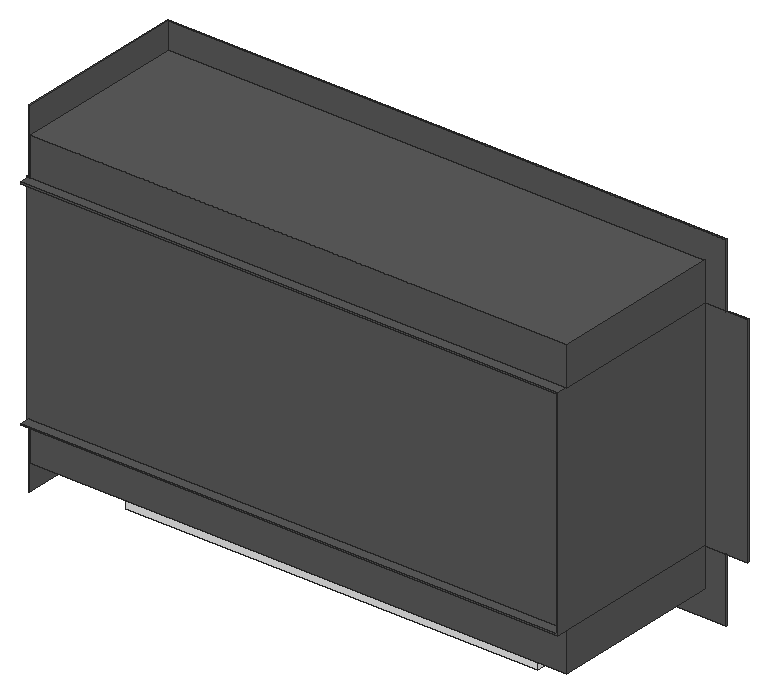
Revit family "1PLANIKA_FLA3_CASING_FORMA_RIGHT-CORNER", category Attrezzatura meccanica, host Muro, Revit 2017
Family settings
  Host = Muro
  Quota connettore circolare = Usa diametro
  Tipo di parte = Normale
  Sempre verticale = Sì
  Taglio con vuoti quando caricato = No
  Condiviso = No
  Punto di calcolo locali = Sì
Parameters (values of type "FLA3_FORMA_1200_RIGHT-CORNER")
  URL = "https://www.planikafires.com"
  TECHNICAL SHEET = "https://www.planikausa.com/indoor-ethanol-fireplaces/two-sided/"
  PRODUCT SHEET = "https://www.archiproducts.com/en/products/planika/bioethanol-fireplace-insert-fla-3-in-casing-forma_431075"
  POWER SUPPLY = 230 V
  NET WEIGHT = 80.70 kg
  Modello = "FLA3 in FORMA RIGHT-CORNER"
  Produttore = "PLANIKA"
  MINIMUM ROOM CUBATURE = 81 m³
  MAXIMUM HEAT OUTPUT = 8.1 kWh
  MAXIMUM BURN TIME = "10 hours"
  MATERIAL DESCRIPTION = "Steel, galvanized steel, toughened glass."
  LENGTH = 1320 mm
  HEIGHT = 710 mm
  FUEL TYPE = "Bioethanol 86 - 96,6%"
  FUEL TANK CAPACITY = 5.5 L
  FORMA LENGTH = 1260 mm
  FLAME HEIGHT REGULATION = "6 stages"
  FLA 3 LENGTH = 990 mm
  FINISHING MATERIAL = Black painted steel -  Planika
  ENVIRONMENTAL PERFORMANCE = "Maximum heat output: 8.1 kWh"
  Descrizione = "Planika’s FORMA fireboxes are truly designed with the user in mind, making them a perfect focal point in any setting, residential or commercial alike. The transparent glass on the left corner enables the flame to be viewed from the front and the left corner, maximising the undisturbed view of the flickering flames. Now, thanks to the zero clearance and self-contained construction, you can frame your fireplace into wood or metal studs."
  DEPTH = 450 mm
  CASING FINISH = Black powder coated steel - Planika
  BIM USER MANUAL = "https://img.edilportale.com/bim/Planika-manual-Planika-bim.pdf"
  BIM BADGE = "https://bim.archiproducts.com/en/badge/bim-archiproducts-featured_658700/about"
  BIM AUTHOR = "https://bim.archiproducts.com"
  APPLICATION = "For indoor use only"
  AIR CHANGE RATE = "1 space volume per hour"
Types (6, lengths in mm): name | NET WEIGHT | MINIMUM ROOM CUBATURE | MAXIMUM HEAT OUTPUT | LENGTH | FUEL TANK CAPACITY | FORMA LENGTH | FLA 3 LENGTH | ENVIRONMENTAL PERFORMANCE
  FLA3_FORMA_1200_RIGHT-CORNER | 80.70 kg | 81 m³ | 8.1 kWh | 1320 | 5.5 L | 1260 | 990 | "Maximum heat output: 8.1 kWh"
  FLA3_FORMA_1000_RIGHT-CORNER | 67.70 kg | 69 m³ | 6.9 kWh | 1120 | 4.5 L | 1057 | 790 | "Maximum heat output: 6.9 kWh"
  FLA3_FORMA_1500_RIGHT-CORNER | 97.60 kg | 113 m³ | 11.2 kWh | 1630 | 8.3 L | 1565 | 1190 | "Maximum heat output: 11.2 kWh"
  FLA3_FORMA_1800_RIGHT-CORNER | 114.90 kg | 150 m³ | 15 kWh | 1930 | 10.0 L | 1870 | 1490 | "Maximum heat output: 15 kWh"
  FLA3_FORMA_2300_RIGHT-CORNER | 159.80 kg | 212 m³ | 21.2 kWh | 2440 | 12.5 L | 2378 | 1990 | "Maximum heat output: 21.2 kWh"
  FLA3_FORMA_2700_RIGHT-CORNER | 233.40 kg | 275 m³ | 27.5 kWh | 2800 | 15.0 L | 2733 | 2490 | "Maximum heat output: 27.5 kWh"
Reference planes
  plane 1 "Wall": y = 0
  plane 2 "Center (Left/Right)": x = 125
  plane 3 "Back": y = 254
  plane 4: x = 755
  plane 5: x = -505
Forms (mm)
  Extrusion 1, void
    sketch origin (125, 0, 0) x (0, 1, 0) y (0, 0, 1)
      loop
        line (-202, 1898.739) -> (-202, 1390.739) -> (254, 1390.739) -> (254, 1898.739) -> (-202, 1898.739)
    from -630 to 630
Text (mm)
  text "Placement Side" at (-1848.837, 1116.779, 0), in view "Ref. Level"
  text "Placement side" at (0, 1409.804, 2854.306), in view "Left"
  text "Placement side" at (0, 499.811, 2980.732), in view "Right"
Dimensions and locks
  locked: plane 3 "Back" to host wall
  equal spacing: plane 4, plane 2 "Center (Left/Right)", plane 5
  "FORMA LENGTH": plane 4 to plane 5
  locked: nested 1 to plane 3 "Back" at 228.2
  aligned and locked: plane 1 "Wall" to host wall
  aligned and locked: nested 1 to plane 2 "Center (Left/Right)"
  aligned and locked: Extrusion 1 sketch curve to host wall
  aligned and locked: Extrusion 1 to plane 5
  aligned and locked: plane 4 to Extrusion 1
Automatic sketch dimensions
  Extrusion 1 sketch curve to host wall = 52 mm
  level to Extrusion 1 sketch curve = 1390.739 mm
  Extrusion 1 sketch curve to Extrusion 1 sketch curve = 508 mm
Nested families
  nested 1: "FLA_3" at (125, 25.8, 1210.739) x (-1, 0, 0) z (0, 0, 1), Length <- "FLA 3 LENGTH", Material <- "FINISHING MATERIAL", type "FLA_3"
    with Material Black painted steel -  Planika, Length 990 mm
  nested 2: "CASING_FORMA" at (125, 204, 1644.739) x (1, 0, 0) z (0, 1, 0), Length <- "FORMA LENGTH", MATERIAL <- "CASING FINISH", type "CASING_FORMA"
    with MATERIAL Black powder coated steel - Planika, Length 1260 mm
Connectors
  electrical at (220.704, 2.769, 1210.739), driven by "POWER SUPPLY"
    settings: on nested 1, index 1, voltage 230 V, apparent load 0 VA, apparent load phase1 0 VA, apparent load phase2 0 VA, apparent load phase3 0 VA, power factor 1, load classification "Power", number of poles 1, system type 31, power factor state 1, is connector primary yes, connector utility no, sub classification motor no, connector description ""
Definition of nested family "FLA_3"
  Parameters (values of type "FLA_3")
    URL = ""
    Model = ""
    Manufacturer = ""
    Material [instance] = none
    Length [instance] = 990 mm
    Description = ""
    Default Elevation = 1219.2 mm
  Reference planes
    plane 1 "Center (Front/Back)": y = 0
    plane 2: z = 0
    plane 3 "Center (Left/Right)": x = 0
    plane 4: x = -495
    plane 5: x = 495
    plane 6: x = -400
    plane 7: x = 400
    plane 8: x = -447.5
    plane 9: x = 447.5
    plane 10 "Level 1": z = 0
    plane 11: z = 235.862
  Forms (mm)
    Extrusion 1, solid, material <- "Material", detail levels fine
      sketch origin (0, 0, 0) x (0, 1, 0) y (-1, 0, 0)
        loop
          line (-139.982, 495) -> (-139.982, -495) -> (139.98, -495) -> (139.98, 495) -> (-139.982, 495)
        loop
          line (-19.978, 400) -> (-19.978, -400) -> (23.031, -400) -> (23.031, 400) -> (-19.978, 400)
        loop
          line (-72.434, 475) -> (-101.434, 475) -> (-101.434, 470) -> (-72.434, 470) -> (-72.434, 475)
        loop
          line (-72.434, 468) -> (-101.434, 468) -> (-101.434, 463) -> (-72.434, 463) -> (-72.434, 468)
        loop
          line (-41.457, 475) -> (-70.457, 475) -> (-70.457, 470) -> (-41.457, 470) -> (-41.457, 475)
        loop
          line (-41.457, 468) -> (-70.457, 468) -> (-70.457, 463) -> (-41.457, 463) -> (-41.457, 468)
        loop
          line (-70.457, -475) -> (-41.457, -475) -> (-41.457, -470) -> (-70.457, -470) -> (-70.457, -475)
        loop
          line (-70.457, -468) -> (-41.457, -468) -> (-41.457, -463) -> (-70.457, -463) -> (-70.457, -468)
        loop
          line (-101.434, -475) -> (-72.434, -475) -> (-72.434, -470) -> (-101.434, -470) -> (-101.434, -475)
        loop
          line (-101.434, -468) -> (-72.434, -468) -> (-72.434, -463) -> (-101.434, -463) -> (-101.434, -468)
      from 180 to 183
    Extrusion 2, solid, detail levels fine
      sketch origin (0, 0, 0) x (0, 1, 0) y (-1, 0, 0)
        loop
          line (125.097, -480) -> (125.097, 480) -> (-125.1, 480) -> (-125.1, -480) -> (125.097, -480)
        loop
          line (-122.1, -477) -> (122.097, -477) -> (122.097, 477) -> (-122.1, 477) -> (-122.1, -477)
      from 0 to 180
    Extrusion 3, solid, detail levels fine
      sketch origin (-500, 1995.821, 1200) x (0, 1, 0) y (0, 0, 1)
        loop
          arc (-1972.79, -1017) -> (-1977.026, -1018.755) -> (-1978.781, -1022.99) r 5.99
          line (-1978.781, -1022.99) -> (-1978.781, -1040.489) -> (-1976.085, -1040.489) -> (-1976.085, -1022.99)
          arc (-1976.085, -1022.99) -> (-1975.12, -1020.661) -> (-1972.79, -1019.696) r 3.294
          line (-1972.79, -1019.696) -> (-1972.79, -1017)
        loop
          line (-2015.801, -1017) -> (-2015.801, -1019.696)
          arc (-2015.801, -1019.696) -> (-2013.472, -1020.661) -> (-2012.507, -1022.99) r 3.294
          line (-2012.507, -1022.99) -> (-2012.507, -1040.489) -> (-2009.81, -1040.489) -> (-2009.81, -1022.99)
          arc (-2009.81, -1022.99) -> (-2011.565, -1018.755) -> (-2015.801, -1017) r 5.99
      from 100 to 900
    Extrusion 4, solid, detail levels fine
      sketch origin (0, 0, 0) x (0, 1, 0) y (-1, 0, 0)
        loop
          line (122.097, 477) -> (-122.1, 477) -> (-122.1, -477) -> (122.097, -477) -> (122.097, 477)
      from 0 to 3
    Extrusion 5, solid, detail levels fine
      sketch origin (0, 0, 0) x (0, 1, 0) y (-1, 0, 0)
        loop
          circle (-36.96, 0) r 7.5
      from 183 to 202
    Extrusion 6, solid, detail levels fine
      sketch origin (0, 0, 0) x (0, 1, 0) y (-1, 0, 0)
        loop
          circle (-36.96, -250) r 7.5
      from 183 to 202
    Extrusion 7, solid, detail levels fine
      sketch origin (0, 0, 0) x (0, 1, 0) y (-1, 0, 0)
        loop
          circle (-36.96, 250) r 7.5
      from 183 to 202
    Extrusion 8, solid, detail levels fine
      sketch origin (-447.5, 1995.821, 1200) x (0, 1, 0) y (0, 0, 1)
        loop
          line (-2030.396, -964.138) -> (-2035.196, -964.138)
          arc (-2035.196, -964.138) -> (-2035.55, -964.284) -> (-2035.696, -964.638) r 0.5
          line (-2035.696, -964.638) -> (-2035.696, -1013.638)
          arc (-2035.696, -1013.638) -> (-2035.55, -1013.991) -> (-2035.196, -1014.138) r 0.5
          line (-2035.196, -1014.138) -> (-2030.396, -1014.138)
          arc (-2030.396, -1014.138) -> (-2030.043, -1013.991) -> (-2029.896, -1013.638) r 0.5
          line (-2029.896, -1013.638) -> (-2029.896, -964.638)
          arc (-2029.896, -964.638) -> (-2030.043, -964.284) -> (-2030.396, -964.138) r 0.5
      from 0 to 895
    Extrusion 9, solid, detail levels medium
      sketch origin (0, 0, 0) x (0, 1, 0) y (-1, 0, 0)
        loop
          line (-139.982, 495) -> (-139.982, -495) -> (139.98, -495) -> (139.98, 495) -> (-139.982, 495)
      from 0 to 183
    Extrusion 10, solid, detail levels fine
      sketch origin (-447.5, 1994.334, 1200) x (0, 1, 0) y (0, 0, 1)
        loop
          line (-1984.329, -1012.199) -> (-1989.312, -1012.199) -> (-1989.312, -1015.189) -> (-1985.824, -1015.189) -> (-1985.824, -1022.166) -> (-2002.767, -1022.166) -> (-2002.767, -1015.189) -> (-1999.279, -1015.189) -> (-1999.279, -1012.199) -> (-2004.262, -1012.199) -> (-2004.262, -1042.1) -> (-1984.329, -1042.1) -> (-1984.329, -1012.199)
      from 47.5 to 847.5
    Extrusion 11, solid, detail levels fine
      sketch origin (0, 0, 0) x (1, 0, 0) y (0, 1, 0)
        loop
          circle (-95.704, 23.031) r 10
      from 0 to 1
  Dimensions and locks
    equal spacing: plane 4, plane 3 "Center (Left/Right)", plane 5
    "Length": plane 4 to plane 5
    locked: plane 4 to plane 6 at 95
    locked: plane 7 to plane 5 at 95
    equal spacing: plane 4, plane 8, plane 6
    equal spacing: plane 7, plane 9, plane 5
    locked: plane 10 "Level 1" to plane 2
    Extrusion 10 sketch curve to Extrusion 10 sketch curve to Extrusion 10 sketch curve to Extrusion 10 sketch curve = 19.934 mm locked, 6.977 mm locked, 2.99 mm locked
    locked: plane 10 "Level 1" to Extrusion 10 sketch curve at 157.9
    Extrusion 3 sketch curve to Extrusion 3 sketch curve to Extrusion 3 sketch curve to plane 10 "Level 1" = 2.696 mm locked, 20.792 mm locked, 159.511 mm locked
    plane 10 "Level 1" to Extrusion 8 sketch curve to Extrusion 8 sketch curve = 185.862 mm locked, 50 mm locked
    locked: plane 11 to plane 10 "Level 1" at 235.862
    aligned and locked: level to plane 2
    aligned and locked: Extrusion 1 sketch curve to plane 4
    aligned and locked: plane 5 to Extrusion 1 sketch curve
    aligned and locked: Extrusion 3 to plane 6
    aligned and locked: plane 7 to Extrusion 3
    aligned and locked: Extrusion 8 to plane 8
    aligned and locked: plane 9 to Extrusion 8
    aligned and locked: Extrusion 9 sketch curve to Extrusion 1  (x2)
    aligned and locked: Extrusion 10 to Extrusion 1  (x2)
    aligned and locked: Extrusion 1 sketch curve to plane 7
    aligned and locked: plane 4 to nested 1
    aligned and locked: nested 1 to plane 5
    aligned and locked: nested 1 to Extrusion 1  (x2)
    aligned and locked: nested 2 to plane 10 "Level 1"
    aligned and locked: nested 2 to plane 11
    aligned and locked: plane 4 to nested 2
    aligned and locked: plane 5 to nested 2
    aligned and locked: nested 3 to plane 10 "Level 1"
    aligned and locked: nested 3 to plane 11
    aligned and locked: nested 3 to Extrusion 9  (x2)
  Automatic sketch dimensions
    Extrusion 3 sketch curve to Extrusion 3 sketch curve = 0 mm  (x3)
    plane 1 "Center (Front/Back)" to Extrusion 3 sketch curve = 16.685 mm
    Extrusion 3 sketch curve to Extrusion 3 sketch curve = 2.696 mm
    Extrusion 3 sketch curve to Extrusion 3 sketch curve = 3.294 mm
    Extrusion 3 sketch curve to Extrusion 3 sketch curve = 17.498 mm  (x2)
    plane 1 "Center (Front/Back)" to Extrusion 8 sketch curve = 39.875 mm
    Extrusion 8 sketch curve to Extrusion 8 sketch curve = 0.5 mm  (x3)
    Extrusion 8 sketch curve to Extrusion 8 sketch curve = 4.8 mm  (x2)
    Extrusion 3 sketch curve to plane 1 "Center (Front/Back)" = 17.041 mm
    plane 1 "Center (Front/Back)" to Extrusion 10 sketch curve = 9.928 mm
    plane 1 "Center (Front/Back)" to Extrusion 10 sketch curve = 8.433 mm
    plane 1 "Center (Front/Back)" to Extrusion 10 sketch curve = 4.945 mm
    Extrusion 10 sketch curve to plane 1 "Center (Front/Back)" = 5.022 mm
    Extrusion 10 sketch curve to Extrusion 10 sketch curve = 3.488 mm
    Extrusion 10 sketch curve to Extrusion 10 sketch curve = 1.495 mm
    Extrusion 10 sketch curve to Extrusion 10 sketch curve = 6.977 mm
    Extrusion 10 sketch curve to Extrusion 10 sketch curve = 2.99 mm
    plane 1 "Center (Front/Back)" to Extrusion 9 sketch curve = 139.982 mm
    Extrusion 9 sketch curve to plane 1 "Center (Front/Back)" = 139.98 mm
    plane 4 to Extrusion 2 sketch curve = 15 mm
    plane 1 "Center (Front/Back)" to Extrusion 2 sketch curve = 125.1 mm
    Extrusion 2 sketch curve to Extrusion 2 sketch curve = 3 mm  (x4)
    Extrusion 2 sketch curve to plane 5 = 18 mm
    Extrusion 2 sketch curve to plane 1 "Center (Front/Back)" = 122.097 mm
    Extrusion 1 sketch curve to plane 6 = 0 mm
    plane 1 "Center (Front/Back)" to Extrusion 1 sketch curve = 139.982 mm
    Extrusion 1 sketch curve to plane 5 = 20 mm  (x2)
    Extrusion 1 sketch curve to Extrusion 1 sketch curve = 38.548 mm  (x2)
    Extrusion 1 sketch curve to Extrusion 1 sketch curve = 0 mm  (x10)
    Extrusion 1 sketch curve to plane 8 = 15.5 mm
    Extrusion 1 sketch curve to Extrusion 1 sketch curve = 29 mm  (x4)
    Extrusion 1 sketch curve to Extrusion 1 sketch curve = 1.977 mm  (x4)
    plane 1 "Center (Front/Back)" to Extrusion 1 sketch curve = 19.978 mm
    Extrusion 1 sketch curve to plane 1 "Center (Front/Back)" = 23.031 mm
    Extrusion 1 sketch curve to plane 1 "Center (Front/Back)" = 139.98 mm
    Extrusion 1 sketch curve to Extrusion 1 sketch curve = 5 mm  (x7)
    Extrusion 1 sketch curve to Extrusion 1 sketch curve = 2 mm  (x2)
    plane 4 to Extrusion 4 sketch curve = 18 mm
    plane 1 "Center (Front/Back)" to Extrusion 4 sketch curve = 122.1 mm
    Extrusion 4 sketch curve to plane 1 "Center (Front/Back)" = 122.097 mm
    Extrusion 4 sketch curve to plane 5 = 18 mm
    plane 1 "Center (Front/Back)" to Extrusion 7 sketch curve = 36.96 mm
    plane 6 to Extrusion 7 sketch curve = 150 mm
    Extrusion 5 sketch curve to plane 3 "Center (Left/Right)" = 0 mm
    plane 1 "Center (Front/Back)" to Extrusion 5 sketch curve = 36.96 mm
    plane 1 "Center (Front/Back)" to Extrusion 6 sketch curve = 36.96 mm
    Extrusion 6 sketch curve to plane 7 = 150 mm
    Extrusion 11 sketch curve to plane 1 "Center (Front/Back)" = 23.031 mm
    Extrusion 11 sketch curve to plane 3 "Center (Left/Right)" = 95.704 mm
    radius of Extrusion 7 sketch curve = 7.5 mm
    radius of Extrusion 5 sketch curve = 7.5 mm
    radius of Extrusion 6 sketch curve = 7.5 mm
    radius of Extrusion 11 sketch curve = 10 mm
  Nested families
    nested 1: "FIREPLACE_SYMBOL_detail item" at (0, -0.001, 0), WIDTH <- "Length", type "FIREPLACE_SYMBOL_detail item", detail levels coarse
      with WIDTH 990 mm, HEIGHT 279.962 mm
    nested 2: "FIREPLACE_SYMBOL_detail item" at (0, 0, 117.931) x (1, 0, 0) z (0, -1, 0), type "FIREPLACE_SYMBOL_detail item", detail levels coarse
      with WIDTH 990 mm, HEIGHT 235.862 mm
    nested 3: "FIREPLACE_SYMBOL_detail item" at (0, -0.001, 117.931) x (0, 1, 0) z (1, 0, 0), type "FIREPLACE_SYMBOL_detail item", detail levels coarse
      with WIDTH 279.962 mm, HEIGHT 235.862 mm
  Definition of nested family "FIREPLACE_SYMBOL_detail item"
    Parameters (values of type "FIREPLACE_SYMBOL_detail item")
      WIDTH [instance] = 500 mm
      HEIGHT [instance] = 500 mm
    Reference planes
      plane 1 "Center (Front/Back)": y = 0
      plane 2: z = 0
      plane 3 "Center (Left/Right)": x = 0
      plane 4: x = 250
      plane 5: x = -250
      plane 6: y = 250
      plane 7: y = -250
    Lines and regions (mm)
      Filled region 1, type "Concrete", in view "Ref. Level"
        outline origin (-246.617, 90, 0) x (1, 0, 0) y (0, 1, 0)
          loop
            line (-3.383, -340) -> (496.617, -340) -> (496.617, 160) -> (-3.383, -340)
      detail lines, in view "Ref. Level"
        curve 1: line (-250, 250, 0) -> (250, 250, 0)
        curve 2: line (-250, -250, 0) -> (-250, 250, 0)
        curve 3: line (250, -250, 0) -> (-250, -250, 0)
        curve 4: line (250, 250, 0) -> (250, -250, 0)
    Dimensions and locks
      equal spacing: plane 5, plane 3 "Center (Left/Right)", plane 4
      equal spacing: plane 7, plane 1 "Center (Front/Back)", plane 6
      "WIDTH": plane 5 to plane 4
      "HEIGHT": plane 7 to plane 6
      aligned and locked: plane 6 to curve 1
      aligned and locked: plane 5 to curve 2
      aligned and locked: curve 3 to plane 7
      aligned and locked: curve 4 to plane 4
      aligned and locked: plane 6 to Filled region 1 sketch curve
      aligned and locked: plane 5 to Filled region 1 sketch curve
      aligned and locked: Filled region 1 sketch curve to plane 4
      aligned and locked: plane 7 to Filled region 1 sketch curve
Definition of nested family "CASING_FORMA"
  Parameters (values of type "CASING_FORMA")
    Width = 406 mm
    Height = 688 mm
    Length [instance] = 1260 mm
    MATERIAL [instance] = none
    Default Elevation = 1219.2 mm
  Reference planes
    plane 1 "Center (Front/Back)": y = 0
    plane 2: z = 0
    plane 3 "Center (Left/Right)": x = 0
    plane 4: x = -630
    plane 5: x = 630
    plane 6: y = 344
    plane 7: y = -344
    plane 8: z = -406
  Forms (mm)
    Extrusion 1, solid, material <- "MATERIAL"
      sketch origin (0, 0, 0) x (1, 0, 0) y (0, 1, 0)
        loop
          line (-625, -254) -> (630, -254) -> (630, 254) -> (-625, 254) -> (-625, 251.5) -> (627.5, 251.5) -> (627.5, -251.5) -> (-625, -251.5) -> (-625, -254)
      from -431 to 50
    Extrusion 2, solid, material <- "MATERIAL", detail levels fine
      sketch origin (0, 0, 0) x (1, 0, 0) y (0, 1, 0)
        loop
          line (630, -254) -> (730, -254) -> (730, 254) -> (630, 254) -> (630, -254)
      from -2.5 to 0
    Extrusion 3, solid, material <- "MATERIAL"
      sketch origin (0, 0, 0) x (1, 0, 0) y (0, 1, 0)
        loop
          line (-625, 251.5) -> (-625, -251.5) -> (627.5, -251.5) -> (627.5, 251.5) -> (-625, 251.5)
      from -406 to -403.5
    Extrusion 4, solid, material <- "MATERIAL", detail levels fine
      sketch origin (0, 0, 0) x (1, 0, 0) y (0, 0, 1)
        loop
          line (-622.5, -406) -> (630, -406) -> (630, -2.5) -> (-622.5, -2.5) -> (-622.5, -406)
      from -344 to -254
    Extrusion 5, solid, material <- "MATERIAL", detail levels fine
      sketch origin (10, 0, 0) x (1, 0, 0) y (0, 0, 1)
        loop
          line (-632.5, -406) -> (620, -406) -> (620, -2.5) -> (-632.5, -2.5) -> (-632.5, -406)
      from 254 to 344
    Extrusion 6, solid, material <- "MATERIAL", detail levels fine
      sketch origin (0, 0, 0) x (1, 0, 0) y (0, 0, 1)
        loop
          line (-625, 0) -> (-625, -406) -> (-622.5, -406) -> (-622.5, -2.5) -> (680, -2.5) -> (680, 0) -> (-625, 0)
      from 254 to 404
    Extrusion 7, solid, material <- "MATERIAL", detail levels fine
      sketch origin (2000, 0, 0) x (1, 0, 0) y (0, 0, 1)
        loop
          line (-2625, 0) -> (-2625, -406) -> (-2622.5, -406) -> (-2622.5, -2.5) -> (-1320, -2.5) -> (-1320, 0) -> (-2625, 0)
      from -404 to -254
    Extrusion 8, solid, material <- "MATERIAL"
      sketch origin (0, 0, 0) x (0, 1, 0) y (0, 0, 1)
        loop
          line (254, 50) -> (251.5, 50) -> (251.5, -403.5) -> (-251.5, -403.5) -> (-251.5, 50) -> (-254, 50) -> (-254, -406) -> (254, -406) -> (254, 50)
      from -630 to -625
  Cuts and joins
    joined: Extrusion 1, Extrusion 3, Extrusion 8
  Dimensions and locks
    "Length": plane 4 to plane 5
    equal spacing: plane 4, plane 3 "Center (Left/Right)", plane 5
    equal spacing: plane 7, plane 1 "Center (Front/Back)", plane 6
    "Height": plane 7 to plane 6
    "Width": plane 2 to plane 8
    locked: Extrusion 1 sketch curve to Extrusion 1 sketch curve at 2.5  (x3)
    locked: plane 5 to Extrusion 2 sketch curve at 100
    locked: Extrusion 1 to plane 2 at 50
    locked: Extrusion 1 to plane 8 at 25
    locked: Extrusion 3 to plane 8 at 2.5
    locked: Extrusion 6 sketch curve to plane 4 at 5
    locked: Extrusion 6 sketch curve to Extrusion 6 sketch curve at 2.5
    locked: Extrusion 7 sketch curve to Extrusion 7 sketch curve at 2.5  (x2)
    Extrusion 6 to plane 7 to Extrusion 1 = 60 mm locked, 90 mm locked
    locked: Extrusion 7 sketch curve to plane 4 at 5
    locked: plane 5 to Extrusion 7 sketch curve at 50
    Extrusion 7 to plane 6 to Extrusion 7 = 90 mm locked, 60 mm locked
    locked: plane 4 to Extrusion 1 sketch curve at 5
    aligned and locked: level to plane 2
    aligned and locked: Extrusion 1 sketch curve to plane 5
    aligned and locked: plane 5 to Extrusion 2 sketch curve
    aligned and locked: plane 8 to Extrusion 3
    aligned and locked: Extrusion 4 sketch curve to plane 8
    aligned and locked: plane 5 to Extrusion 4 sketch curve
    aligned and locked: Extrusion 4 to plane 6
    aligned and locked: plane 7 to Extrusion 5
    aligned and locked: Extrusion 5 sketch curve to plane 8
    aligned and locked: plane 2 to Extrusion 2
    aligned and locked: plane 8 to Extrusion 6 sketch curve
    aligned and locked: Extrusion 6 sketch curve to plane 2
    aligned and locked: Extrusion 1 to Extrusion 6  (x2)
    aligned and locked: plane 8 to Extrusion 7 sketch curve
    aligned and locked: Extrusion 7 sketch curve to plane 2
    aligned and locked: Extrusion 4 to Extrusion 1
    aligned and locked: Extrusion 1 to Extrusion 3
    aligned and locked: Extrusion 4 sketch curve to Extrusion 6
    aligned and locked: Extrusion 5 to Extrusion 6
    aligned and locked: Extrusion 5 to plane 5
    aligned and locked: Extrusion 5 to Extrusion 1
    aligned and locked: Extrusion 7 to Extrusion 3
    aligned and locked: Extrusion 3 to Extrusion 1 sketch curve
    aligned and locked: Extrusion 8 sketch curve to Extrusion 7
    aligned and locked: Extrusion 8 sketch curve to Extrusion 1
    aligned and locked: Extrusion 8 sketch curve to Extrusion 3  (x2)
    aligned and locked: Extrusion 1 to Extrusion 8 sketch curve  (x2)
    aligned and locked: Extrusion 8 sketch curve to Extrusion 6
    aligned and locked: Extrusion 8 to Extrusion 3
    aligned and locked: Extrusion 8 to plane 4
  Automatic sketch dimensions
    plane 4 to Extrusion 3 sketch curve = 5 mm
    plane 4 to Extrusion 5 sketch curve = 7.5 mm
    Extrusion 6 sketch curve to level = 2.5 mm
    Extrusion 1 sketch curve to plane 7 = 92.5 mm
    Extrusion 2 sketch curve to plane 7 = 90 mm
    Extrusion 5 sketch curve to level = 2.5 mm
    Extrusion 6 sketch curve to plane 5 = 50 mm
    plane 5 to Extrusion 3 sketch curve = 2.5 mm
    Extrusion 3 sketch curve to plane 7 = 92.5 mm
    plane 6 to Extrusion 3 sketch curve = 92.5 mm
    plane 5 to Extrusion 5 sketch curve = 0 mm
    plane 6 to Extrusion 1 sketch curve = 92.5 mm
    plane 6 to Extrusion 2 sketch curve = 90 mm
    Extrusion 4 sketch curve to level = 2.5 mm
    level to Extrusion 8 sketch curve = 50 mm
